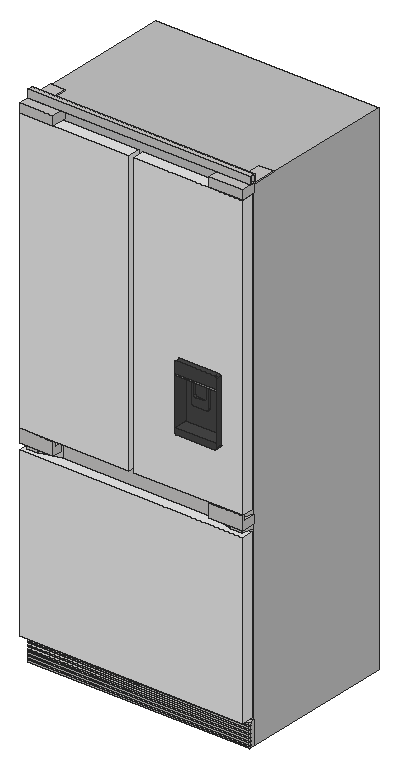
Revit family "FP_Revit_18_RS32A72U1_Fridge_90001164A", category Specialty Equipment, Revit 2018
Family settings
  Round Connector Dimension = Use Diameter
  Part Type = Normal
  OmniClass Number = 23.40.40.11.11.17
  OmniClass Title = Refrigerator-Freezer
  Work Plane-Based = No
  Always vertical = Yes
  Cut with Voids When Loaded = Yes
  Shared = No
  Room Calculation Point = No
Parameters
  Visibility - Water Dispenser = yes
  Visibility - Visibility Control Note = yes
  Visibility - Clearance Required = yes
  URL = "www.fisherpaykel.com"
  Stainless Steel Door Panels (RD3272AU) = no
  Product - Width = 805 mm  # constant formula
  Product - Height = 1825 mm  # constant formula
  Product - Depth = 604 mm  # constant formula
  Model = "RS32A72U1"
  Material - Trim = Fisher & Paykel - Stainless Steel
  Material - Rollers and Feet = Fisher & Paykel - Black
  Material - Door Structure = Fisher & Paykel - White
  Material - Door Front = Fisher & Paykel - Stainless Steel
  Material - Connections = Fisher & Paykel - Black
  Material - Body = Fisher & Paykel - Grey
  Manufacturer = "Fisher & Paykel Appliances"
  Handle Style - Professional Square (AHV2RS3272A) = no
  Handle Style - Professional Round (AHCRS3272A) = no
  Handle Style - Contemporary Square (AHD3RS3272A) = no
  Handle Style - Contemporary Round (AHSRS3272A) = no
  Description = "32\" Integrated French Door Refrigerator Freezer, Ice & Water"
  Connector Description - Water = "1/4\" (6mm) comp. stainless steel braided hose"
  Connector Description - Electrical = "120 V, 10 A, fused electrical supply"
  Chassis - Width = 790 mm  # constant formula
  Chassis - Height = 1788 mm  # constant formula
  Chassis - Depth = 561.4 mm  # constant formula
  Cavity - Width = 813 mm  # constant formula
  Cavity - Height = 1829 mm  # constant formula
  Cavity - Depth = 635 mm  # constant formula
Reference planes
  plane 1 "Center (Front/Back)": y = 0
  plane 2: z = 0
  plane 3 "Center (Left/Right)": x = 0
  plane 4 "Product LHS": x = -402.5
  plane 5 "Product RHS": x = 402.5
  plane 6 "Cavity - Depth": y = 635
  plane 7 "Cavity LHS": x = -406.5
  plane 8 "Cavity RHS": x = 406.5
  plane 9 "Product - Depth": y = 622
  plane 10 "Product Height": z = 1825
  plane 11 "Cavity Height": z = 1829
  plane 12 "Datum": y = 18
Forms (mm)
  Extrusion 1, solid, material "Fisher & Paykel - Grey" <- "Material - Body"
    sketch origin (0, 0, 0) x (0, 1, 0) y (0, 0, 1)
      loop
        line (68.89, 6.6) -> (622, 6.6) -> (622, 1794.6) -> (68.89, 1794.6) -> (68.89, 6.6)
    from -395 to 395
  Extrusion 2, solid, material "Fisher & Paykel - Clearance Required", visible <- "Visibility - Clearance Required", detail levels coarse
    sketch origin (0, 0, 0) x (1, 0, 0) y (0, 1, 0)
      loop
        line (-391.179, 0) -> (-526.6, -290.41) -> (-562.852, -273.506) -> (-569.457, -287.67) -> (-533.205, -304.575) -> (-555.656, -352.723)
        arc (-555.656, -352.723) -> (-182.069, -328.236) -> (-1.993, 0) r 389.186
        line (-1.993, 0) -> (-391.179, 0)
      loop
        line (391.179, 0) -> (1.993, 0)
        arc (1.993, 0) -> (182.069, -328.236) -> (555.656, -352.723) r 389.186
        line (555.656, -352.723) -> (533.205, -304.575) -> (569.457, -287.67) -> (562.852, -273.506) -> (526.6, -290.41) -> (391.179, 0)
    from 700.43 to 1825
  Extrusion 3, void
    sketch origin (-955, 0, 0) x (1, 0, 0) y (0, 0, 1)
      loop
        arc (1130.35, 1186.03) -> (1124.693, 1183.687) -> (1122.35, 1178.03) r 8
        line (1122.35, 1178.03) -> (1122.35, 958.43)
        arc (1122.35, 958.43) -> (1124.693, 952.773) -> (1130.35, 950.43) r 8
        line (1130.35, 950.43) -> (1264.85, 950.43)
        arc (1264.85, 950.43) -> (1270.507, 952.773) -> (1272.85, 958.43) r 8
        line (1272.85, 958.43) -> (1272.85, 1178.03)
        arc (1272.85, 1178.03) -> (1270.507, 1183.687) -> (1264.85, 1186.03) r 8
        line (1264.85, 1186.03) -> (1130.35, 1186.03)
    from -54.957 to 0
  Extrusion 4, solid, material "Fisher & Paykel - Black" <- "Material - Rollers and Feet"
    sketch origin (0, 0, -4) x (0, 1, 0) y (0, 0, 1)
      loop
        arc (120.09, 10.6) -> (136.133, 4) -> (152.177, 10.6) r 22.8
        line (152.177, 10.6) -> (120.09, 10.6)
      loop
        arc (555.39, 10.6) -> (571.433, 4) -> (587.477, 10.6) r 22.8
        line (587.477, 10.6) -> (555.39, 10.6)
    from 352 to 379
  Extrusion 5, solid, material "Fisher & Paykel - Clearance Required", visible <- "Visibility - Clearance Required", detail levels coarse
    sketch origin (0, 0, 0) x (0, 1, 0) y (0, 0, 1)
      loop
        line (-0.043, 695.956) -> (-359.921, 695.956) -> (-359.921, 631.801) -> (-401.921, 631.801) -> (-401.921, 615.801) -> (-359.921, 615.801) -> (-359.921, 100.03) -> (-0.043, 100.03) -> (-0.043, 695.956)
    from -406.5 to 406.5
  Extrusion 6, solid, material "Fisher & Paykel - White" <- "Material - Door Structure"
    sketch origin (0, 0, 0) x (1, 0, 0) y (0, 0, 1)
      loop
        line (-7.74, 1764.6) -> (-395, 1764.6) -> (-395, 763.6) -> (-7.74, 763.6) -> (-7.74, 1764.6)
      loop
        line (7.74, 1764.6) -> (7.74, 763.6) -> (395, 763.6) -> (395, 1764.6) -> (7.74, 1764.6)
      loop
        line (-395, 693.1) -> (-395, 101.1) -> (395, 101.1) -> (395, 693.1) -> (-395, 693.1)
    from -60.6 to -18
  Extrusion 7, solid, material "Fisher & Paykel - White" <- "Material - Door Structure"
    sketch origin (0, 0, 0) x (1, 0, 0) y (0, 0, 1)
      loop
        line (-384.1, 685.2) -> (-384.1, 109) -> (384.1, 109) -> (384.1, 685.2) -> (-384.1, 685.2)
      loop
        line (-13.88, 776) -> (-13.88, 1749.7) -> (-384.08, 1749.7) -> (-384.08, 776) -> (-13.88, 776)
      loop
        line (13.88, 776) -> (384.08, 776) -> (384.08, 1749.7) -> (13.88, 1749.7) -> (13.88, 776)
    from -68.89 to -60.552
  Extrusion 8, solid, material "Fisher & Paykel - Stainless Steel" <- "Material - Trim"
    sketch origin (0, -2, 0) x (1, 0, 0) y (0, 1, 0)
      loop
        line (-391, 70.89) -> (-384.282, 36.328)
        arc (-384.282, 36.328) -> (-383.245, 34.585) -> (-381.337, 33.9) r 3
        line (-381.337, 33.9) -> (-343.233, 33.9)
        arc (-343.233, 33.9) -> (-341.238, 34.034) -> (-339.279, 34.431) r 15
        line (-339.279, 34.431) -> (-269.532, 53.491) -> (269.532, 53.491) -> (339.279, 34.431)
        arc (339.279, 34.431) -> (341.238, 34.034) -> (343.233, 33.9) r 15
        line (343.233, 33.9) -> (381.337, 33.9)
        arc (381.337, 33.9) -> (383.245, 34.585) -> (384.282, 36.328) r 3
        line (384.282, 36.328) -> (391, 70.89) -> (-391, 70.89)
    from 696.967 to 759.03
  Extrusion 9, solid, material "Fisher & Paykel - Stainless Steel" <- "Material - Trim"
    sketch origin (0, -2, 0) x (0, 1, 0) y (0, 0, 1)
      loop
        line (20, 762.6) -> (20, 715.3) -> (70.89, 715.3) -> (70.89, 743.6) -> (25, 743.6) -> (25, 762.6) -> (20, 762.6)
    from 276.67 to 395
  Extrusion 10, solid, material "Fisher & Paykel - Stainless Steel" <- "Material - Trim"
    sketch origin (0, -2, 0) x (0, 1, 0) y (0, 0, -1)
      loop
        line (20, -762.6) -> (25, -762.6) -> (25, -743.6) -> (70.89, -743.6) -> (70.89, -715.3) -> (20, -715.3) -> (20, -762.6)
    from 276.67 to 395
  Extrusion 11, solid, material "Fisher & Paykel - Stainless Steel" <- "Material - Trim"
    sketch origin (0, 0, 0) x (1, 0, 0) y (0, 1, 0)
      loop
        line (-276.67, 18) -> (-276.67, 68.89) -> (-395, 68.89) -> (-395, 18) -> (-276.67, 18)
      loop
        line (395, 18) -> (395, 68.89) -> (276.67, 68.89) -> (276.67, 18) -> (395, 18)
    from 1765.6 to 1797.6
  Extrusion 12, solid, material "Fisher & Paykel - Stainless Steel" <- "Material - Trim", detail levels fine
    sketch origin (0, 0, 0) x (1, 0, 0) y (0, 1, 0)
      loop
        line (-395, 154.61) -> (-395, 73.11) -> (-260.95, 73.11) -> (-260.95, 88.11) -> (-343.5, 88.11) -> (-343.5, 154.61) -> (-395, 154.61)
      loop
        line (395, 154.61) -> (344.35, 154.61) -> (344.35, 88.11) -> (260.95, 88.11) -> (260.95, 73.11) -> (395, 73.11) -> (395, 154.61)
    from 1794.6 to 1797.6
  Extrusion 13, solid, material "Fisher & Paykel - Stainless Steel" <- "Material - Trim"
    sketch origin (0, -2, 0) x (0, 1, 0) y (0, 0, 1)
      loop
        line (55.1, 1825) -> (55.1, 1797.6) -> (75.11, 1797.6) -> (75.11, 1825) -> (55.1, 1825)
      loop
        line (56.1, 1824) -> (56.1, 1798.675) -> (74.1, 1798.675) -> (74.1, 1824) -> (56.1, 1824)
    from -395 to 395
  Extrusion 14, solid, material "Fisher & Paykel - Black" <- "Material - Rollers and Feet", detail levels fine
    sketch origin (0, 0, -4) x (0, 1, 0) y (0, 0, -1)
      loop
        line (120.09, -10.6) -> (152.177, -10.6)
        arc (152.177, -10.6) -> (136.133, -4) -> (120.09, -10.6) r 22.8
      loop
        line (555.39, -10.6) -> (587.477, -10.6)
        arc (587.477, -10.6) -> (571.433, -4) -> (555.39, -10.6) r 22.8
    from 352 to 379
  Extrusion 15, solid, material "Fisher & Paykel - Stainless Steel" <- "Material - Trim", detail levels fine
    sketch origin (0, -2, 0) x (0, 1, 0) y (0, 0, 1)
      loop
        line (24.91, 101.1) -> (24.91, 94.1) -> (50.15, 94.1) -> (50.15, 101.1) -> (24.91, 101.1)
    from -20.67 to 20.7
  Extrusion 16, solid, material "Fisher & Paykel - Stainless Steel" <- "Material - Trim", detail levels fine
    sketch origin (0, -2, 0) x (0, 1, 0) y (0, 0, 1)
      loop
        line (70.89, 90.613) -> (53.491, 85.951) -> (53.491, 81.639) -> (61.43, 81.639) -> (61.43, 75.465) -> (53.491, 73.338) -> (53.491, 69.031) -> (61.43, 69.031) -> (61.43, 62.857) -> (53.491, 60.73) -> (53.491, 56.423) -> (61.43, 56.423) -> (61.43, 50.254) -> (53.491, 48.127) -> (53.491, 43.821) -> (61.43, 43.821) -> (61.43, 37.652) -> (53.491, 35.525) -> (53.491, 31.218) -> (61.43, 31.218) -> (61.43, 25.049) -> (53.491, 22.922) -> (53.491, 18.585) -> (61.43, 18.585) -> (61.43, 12.447) -> (53.491, 10.32) -> (53.491, 6.6) -> (70.89, 6.6) -> (70.89, 90.613)
    from -395 to 395
  Extrusion 17, solid, material "Fisher & Paykel - Stainless Steel" <- "Material - Trim", detail levels coarse+medium
    sketch origin (0, -2, 0) x (0, 1, 0) y (0, 0, 1)
      loop
        line (70.89, 90.613) -> (53.491, 85.951) -> (53.491, 6.6) -> (70.89, 6.6) -> (70.89, 90.613)
    from -395 to 395
  Extrusion 18, void
    sketch origin (0, -2000, 0) x (1, 0, 0) y (0, 1, 0)
      loop
        line (-336, 2622) -> (-336, 2068.89) -> (336, 2068.89) -> (336, 2622) -> (-336, 2622)
    from 6.6 to 56.423
  Extrusion 19, solid, material "Fisher & Paykel - Stainless Steel" <- "Material - Door Front", visible <- "Stainless Steel Door Panels (RD3272AU)"
    sketch origin (0, 0, 0) x (1, 0, 0) y (0, 0, 1)
      loop
        line (-402.5, 696.43) -> (-402.5, 100.03) -> (402.5, 100.03) -> (402.5, 696.43) -> (-402.5, 696.43)
      loop
        line (-402.5, 700.43) -> (-2, 700.43) -> (-2, 1822.4) -> (-402.5, 1822.4) -> (-402.5, 700.43)
      loop
        line (2, 1822.4) -> (2, 700.43) -> (402.5, 700.43) -> (402.5, 1822.4) -> (2, 1822.4)
    from -18 to 0.043
  Extrusion 20, void
    sketch origin (0, -2, 0) x (1, 0, 0) y (0, 1, 0)
      loop
        arc (395, 57.948) -> (393.695, 54.796) -> (390.543, 53.491) r 4.457
        line (390.543, 53.491) -> (395, 53.491) -> (395, 57.948)
      loop
        line (-402.5, 59.557) -> (-402.5, 55.1) -> (-398.043, 55.1)
        arc (-398.043, 55.1) -> (-401.195, 56.405) -> (-402.5, 59.557) r 4.457
    from 6.6 to 100.03
  Extrusion 21, solid, material "Fisher & Paykel - Clearance Required", visible <- "Visibility - Clearance Required", detail levels coarse
    sketch origin (0, 0, 0) x (1, 0, 0) y (0, 1, 0)
      loop
        line (-406.5, 635) -> (-406.5, 0) -> (406.5, 0) -> (406.5, 635) -> (-406.5, 635)
    from 0 to 1829
  Extrusion 22, void
    sketch origin (0, 0, 0) x (1, 0, 0) y (0, 0, 1)
      loop
        line (257.5, 69.031) -> (257.5, 200) -> (-17.5, 200) -> (-17.5, 69.031) -> (257.5, 69.031)
      loop
        circle (207.5, 135) r 3
      loop
        circle (32.5, 135) r 3
    from -622 to -619.953
  Extrusion 23, void
    sketch origin (0, 0, 0) x (1, 0, 0) y (0, 1, 0)
      loop
        line (-406.5, 635) -> (-406.5, 0) -> (406.5, 0) -> (406.5, 635) -> (-406.5, 635)
    from 0 to 1829
Cuts and joins
  Extrusion 18, Extrusion 22 cuts Extrusion 1
  Extrusion 3 cuts Extrusion 19
  Extrusion 3 cuts Extrusion 6
  Extrusion 20 cuts Extrusion 16
  Extrusion 20 cuts Extrusion 17
  joined: Extrusion 8, Extrusion 9, Extrusion 10
Text (mm)
  text "Due to ongoing product development, product details are subject to change without notice. \nPlease always refer to www.fisherpaykel.com for the most current product information. \n© Fisher & Paykel 2020" at (41.04, -527.568, 0), in view "Ref. Level (Plan)"
Dimensions and locks
  equal spacing: plane 4 "Product LHS", plane 3 "Center (Left/Right)", plane 5 "Product RHS"
  "Product - Width": plane 4 "Product LHS" to plane 5 "Product RHS"
  "Cavity - Depth": plane 1 "Center (Front/Back)" to plane 6 "Cavity - Depth"
  equal spacing: plane 7 "Cavity LHS", plane 3 "Center (Left/Right)", plane 8 "Cavity RHS"
  "Cavity - Width": plane 7 "Cavity LHS" to plane 8 "Cavity RHS"
  "Product - Height": level to plane 10 "Product Height"
  "Cavity - Height": plane 11 "Cavity Height" to level
  Extrusion 3 sketch curve to plane 3 "Center (Left/Right)" = 317.85 mm
  Extrusion 3 sketch curve to Extrusion 3 sketch curve = 235.6 mm
  Extrusion 3 sketch curve to level = 950.43 mm
  Extrusion 3 sketch curve to Extrusion 3 sketch curve = 150.5 mm
  "Chassis - Height": Extrusion 1 to Extrusion 1
  nested 1 to Extrusion 1 = 1179.43 mm
  Extrusion 15 to Extrusion 17 = 94.5 mm
  locked: Extrusion 22 to cut or joined group of Extrusion 1, Extrusion 18, Extrusion 22 at 2.047
  cut or joined group of Extrusion 3, Extrusion 19 to level = 696.43 mm
  locked: plane 1 "Center (Front/Back)" to plane 12 "Datum" at 18
  nested 6 to plane 1 "Center (Front/Back)" = 0 mm
  "Chassis - Depth": cut or joined group of Extrusion 3, Extrusion 6 to plane 9 "Product - Depth"
  "Product - Depth": plane 9 "Product - Depth" to plane 12 "Datum"
  equal spacing: cut or joined group of Extrusion 1, Extrusion 18, Extrusion 22, plane 3 "Center (Left/Right)", cut or joined group of Extrusion 1, Extrusion 18, Extrusion 22  (x2)
  "Chassis - Width": cut or joined group of Extrusion 1, Extrusion 18, Extrusion 22 to cut or joined group of Extrusion 1, Extrusion 18, Extrusion 22
  aligned and locked: level to plane 2
  aligned and locked: Extrusion 20 to Extrusion 4
  aligned and locked: cut or joined group of Extrusion 1, Extrusion 18, Extrusion 22 to Extrusion 22
  aligned and locked: Extrusion 21 to level
  aligned and locked: plane 9 "Product - Depth" to Extrusion 1
Automatic sketch dimensions
  plane 10 "Product Height" to Extrusion 13 sketch curve = 0 mm
  Extrusion 13 sketch curve to plane 12 "Datum" = 35.1 mm
  Extrusion 13 sketch curve to Extrusion 13 sketch curve = 1 mm
  plane 10 "Product Height" to Extrusion 13 sketch curve = 1 mm
  Extrusion 13 sketch curve to Extrusion 13 sketch curve = 18 mm
  Extrusion 13 sketch curve to Extrusion 13 sketch curve = 1.01 mm
  Extrusion 13 sketch curve to Extrusion 13 sketch curve = 25.325 mm
  Extrusion 13 sketch curve to Extrusion 13 sketch curve = 1.075 mm
  plane 1 "Center (Front/Back)" to Extrusion 21 sketch curve = 0 mm
  Extrusion 21 sketch curve to plane 7 "Cavity LHS" = 0 mm
  Extrusion 21 sketch curve to plane 8 "Cavity RHS" = 0 mm
  plane 6 "Cavity - Depth" to Extrusion 21 sketch curve = 0 mm
  plane 1 "Center (Front/Back)" to Extrusion 23 sketch curve = 0 mm
  Extrusion 23 sketch curve to plane 7 "Cavity LHS" = 0 mm
  Extrusion 23 sketch curve to plane 8 "Cavity RHS" = 0 mm
  plane 6 "Cavity - Depth" to Extrusion 23 sketch curve = 0 mm
  Extrusion 1 sketch curve to plane 9 "Product - Depth" = 0 mm
  level to Extrusion 1 sketch curve = 6.6 mm
  Extrusion 1 sketch curve to plane 12 "Datum" = 50.89 mm
  plane 10 "Product Height" to Extrusion 1 sketch curve = 30.4 mm
  plane 1 "Center (Front/Back)" to Extrusion 2 sketch curve = 0 mm  (x2)
  plane 7 "Cavity LHS" to Extrusion 2 sketch curve = 162.957 mm
  Extrusion 2 sketch curve to Extrusion 2 sketch curve = 6.605 mm  (x3)
  Extrusion 2 sketch curve to Extrusion 2 sketch curve = 13.801 mm
  Extrusion 2 sketch curve to Extrusion 2 sketch curve = 36.252 mm  (x2)
  Extrusion 2 sketch curve to plane 4 "Product LHS" = 11.321 mm
  Extrusion 2 sketch curve to Extrusion 2 sketch curve = 0 mm  (x2)
  Extrusion 2 sketch curve to plane 3 "Center (Left/Right)" = 1.993 mm
  plane 3 "Center (Left/Right)" to Extrusion 2 sketch curve = 1.993 mm
  plane 5 "Product RHS" to Extrusion 2 sketch curve = 11.321 mm
  Extrusion 2 sketch curve to plane 8 "Cavity RHS" = 120.1 mm
  plane 1 "Center (Front/Back)" to Extrusion 2 sketch curve = 352.723 mm
  plane 1 "Center (Front/Back)" to Extrusion 2 sketch curve = 287.67 mm
  Extrusion 3 sketch curve to Extrusion 3 sketch curve = 8 mm  (x4)
  level to Extrusion 4 sketch curve = 6.6 mm  (x2)
  Extrusion 4 sketch curve to plane 12 "Datum" = 102.09 mm
  Extrusion 4 sketch curve to Extrusion 4 sketch curve = 16.044 mm  (x2)
  Extrusion 4 sketch curve to plane 9 "Product - Depth" = 66.61 mm
  level to Extrusion 4 sketch curve = 22.8 mm  (x2)
  plane 1 "Center (Front/Back)" to Extrusion 5 sketch curve = 401.921 mm
  Extrusion 5 sketch curve to Extrusion 5 sketch curve = 42 mm
  level to Extrusion 5 sketch curve = 100.03 mm
  plane 1 "Center (Front/Back)" to Extrusion 5 sketch curve = 359.921 mm
  plane 1 "Center (Front/Back)" to Extrusion 5 sketch curve = 0.043 mm
  Extrusion 5 sketch curve to Extrusion 5 sketch curve = 515.771 mm
  Extrusion 5 sketch curve to Extrusion 5 sketch curve = 16 mm
  Extrusion 5 sketch curve to Extrusion 5 sketch curve = 64.155 mm
  Extrusion 6 sketch curve to plane 4 "Product LHS" = 7.5 mm  (x2)
  Extrusion 6 sketch curve to plane 3 "Center (Left/Right)" = 7.74 mm
  plane 3 "Center (Left/Right)" to Extrusion 6 sketch curve = 7.74 mm
  plane 5 "Product RHS" to Extrusion 6 sketch curve = 7.5 mm  (x2)
  level to Extrusion 6 sketch curve = 101.1 mm
  Extrusion 6 sketch curve to Extrusion 6 sketch curve = 592 mm
  Extrusion 6 sketch curve to Extrusion 6 sketch curve = 70.5 mm
  Extrusion 6 sketch curve to Extrusion 6 sketch curve = 0 mm
  plane 10 "Product Height" to Extrusion 6 sketch curve = 60.4 mm  (x2)
  Extrusion 7 sketch curve to plane 4 "Product LHS" = 18.4 mm
  Extrusion 7 sketch curve to plane 4 "Product LHS" = 18.42 mm
  Extrusion 7 sketch curve to plane 3 "Center (Left/Right)" = 13.88 mm
  plane 3 "Center (Left/Right)" to Extrusion 7 sketch curve = 13.88 mm
  plane 5 "Product RHS" to Extrusion 7 sketch curve = 18.42 mm
  plane 5 "Product RHS" to Extrusion 7 sketch curve = 18.4 mm
  level to Extrusion 7 sketch curve = 109 mm
  Extrusion 7 sketch curve to Extrusion 7 sketch curve = 576.2 mm
  Extrusion 7 sketch curve to Extrusion 7 sketch curve = 90.8 mm
  Extrusion 7 sketch curve to Extrusion 7 sketch curve = 0 mm  (x2)
  plane 10 "Product Height" to Extrusion 7 sketch curve = 75.3 mm
  Extrusion 8 sketch curve to plane 4 "Product LHS" = 11.5 mm
  Extrusion 8 sketch curve to plane 4 "Product LHS" = 18.218 mm
  Extrusion 8 sketch curve to Extrusion 8 sketch curve = 2.945 mm  (x2)
  Extrusion 8 sketch curve to plane 12 "Datum" = 13.9 mm
  Extrusion 8 sketch curve to Extrusion 8 sketch curve = 38.104 mm
  Extrusion 8 sketch curve to plane 12 "Datum" = 14.431 mm  (x2)
  Extrusion 8 sketch curve to Extrusion 8 sketch curve = 3.954 mm  (x2)
  Extrusion 8 sketch curve to plane 12 "Datum" = 33.491 mm
  Extrusion 8 sketch curve to Extrusion 8 sketch curve = 69.747 mm
  plane 5 "Product RHS" to Extrusion 8 sketch curve = 132.968 mm
  plane 5 "Product RHS" to Extrusion 8 sketch curve = 63.221 mm
  plane 5 "Product RHS" to Extrusion 8 sketch curve = 21.163 mm
  plane 5 "Product RHS" to Extrusion 8 sketch curve = 11.5 mm
  Extrusion 8 sketch curve to plane 1 "Center (Front/Back)" = 31.9 mm
  Extrusion 8 sketch curve to Extrusion 8 sketch curve = 2.428 mm  (x2)
  Extrusion 8 sketch curve to Extrusion 8 sketch curve = 34.562 mm
  Extrusion 9 sketch curve to plane 12 "Datum" = 0 mm
  Extrusion 9 sketch curve to Extrusion 9 sketch curve = 5 mm
  Extrusion 9 sketch curve to Extrusion 9 sketch curve = 50.89 mm
  level to Extrusion 9 sketch curve = 715.3 mm
  Extrusion 9 sketch curve to Extrusion 9 sketch curve = 28.3 mm
  Extrusion 9 sketch curve to Extrusion 9 sketch curve = 19 mm
  Extrusion 10 sketch curve to plane 12 "Datum" = 0 mm
  Extrusion 10 sketch curve to Extrusion 10 sketch curve = 5 mm
  Extrusion 10 sketch curve to Extrusion 10 sketch curve = 50.89 mm
  level to Extrusion 10 sketch curve = 762.6 mm
  Extrusion 10 sketch curve to Extrusion 10 sketch curve = 19 mm
  Extrusion 10 sketch curve to Extrusion 10 sketch curve = 28.3 mm
  Extrusion 11 sketch curve to plane 4 "Product LHS" = 7.5 mm
  plane 12 "Datum" to Extrusion 11 sketch curve = 0 mm  (x2)
  Extrusion 11 sketch curve to plane 12 "Datum" = 50.89 mm  (x2)
  Extrusion 11 sketch curve to plane 4 "Product LHS" = 125.83 mm
  plane 5 "Product RHS" to Extrusion 11 sketch curve = 125.83 mm
  plane 5 "Product RHS" to Extrusion 11 sketch curve = 7.5 mm
  level to Extrusion 14 sketch curve = 6.6 mm  (x2)
  Extrusion 14 sketch curve to plane 12 "Datum" = 102.09 mm
  Extrusion 14 sketch curve to Extrusion 14 sketch curve = 16.044 mm  (x2)
  Extrusion 14 sketch curve to plane 9 "Product - Depth" = 66.61 mm
  level to Extrusion 14 sketch curve = 22.8 mm  (x2)
  Extrusion 15 sketch curve to plane 12 "Datum" = 4.91 mm
  Extrusion 15 sketch curve to Extrusion 15 sketch curve = 25.24 mm
  level to Extrusion 15 sketch curve = 94.1 mm
  Extrusion 15 sketch curve to Extrusion 15 sketch curve = 7 mm
  Extrusion 16 sketch curve to plane 12 "Datum" = 33.491 mm  (x3)
  level to Extrusion 16 sketch curve = 6.6 mm
  Extrusion 16 sketch curve to Extrusion 16 sketch curve = 0 mm  (x8)
  Extrusion 16 sketch curve to Extrusion 16 sketch curve = 7.939 mm  (x2)
  Extrusion 16 sketch curve to Extrusion 16 sketch curve = 9.46 mm
  Extrusion 16 sketch curve to Extrusion 16 sketch curve = 3.72 mm
  Extrusion 16 sketch curve to Extrusion 16 sketch curve = 2.127 mm
  Extrusion 16 sketch curve to Extrusion 16 sketch curve = 8.266 mm
  Extrusion 16 sketch curve to Extrusion 16 sketch curve = 4.337 mm
  Extrusion 16 sketch curve to Extrusion 16 sketch curve = 6.464 mm
  Extrusion 16 sketch curve to Extrusion 16 sketch curve = 6.169 mm  (x3)
  Extrusion 16 sketch curve to Extrusion 16 sketch curve = 4.306 mm  (x4)
  Extrusion 16 sketch curve to Extrusion 16 sketch curve = 6.433 mm  (x4)
  Extrusion 16 sketch curve to Extrusion 16 sketch curve = 6.175 mm  (x2)
  Extrusion 16 sketch curve to Extrusion 16 sketch curve = 4.312 mm
  Extrusion 16 sketch curve to Extrusion 16 sketch curve = 8.974 mm
  Extrusion 17 sketch curve to plane 12 "Datum" = 33.491 mm
  level to Extrusion 17 sketch curve = 6.6 mm
  Extrusion 17 sketch curve to Extrusion 17 sketch curve = 17.399 mm
  Extrusion 17 sketch curve to Extrusion 17 sketch curve = 79.351 mm
  Extrusion 17 sketch curve to Extrusion 17 sketch curve = 4.662 mm
  Extrusion 18 sketch curve to plane 9 "Product - Depth" = 0 mm
  Extrusion 18 sketch curve to plane 4 "Product LHS" = 66.5 mm
  plane 5 "Product RHS" to Extrusion 18 sketch curve = 66.5 mm
  Extrusion 18 sketch curve to plane 12 "Datum" = 50.89 mm
  plane 4 "Product LHS" to Extrusion 19 sketch curve = 0 mm  (x2)
  plane 5 "Product RHS" to Extrusion 19 sketch curve = 0 mm  (x2)
  Extrusion 19 sketch curve to plane 3 "Center (Left/Right)" = 2 mm
  plane 3 "Center (Left/Right)" to Extrusion 19 sketch curve = 2 mm
  level to Extrusion 19 sketch curve = 100.03 mm
  Extrusion 19 sketch curve to Extrusion 19 sketch curve = 596.4 mm
  Extrusion 19 sketch curve to Extrusion 19 sketch curve = 4 mm
  Extrusion 19 sketch curve to Extrusion 19 sketch curve = 0 mm
  plane 10 "Product Height" to Extrusion 19 sketch curve = 2.6 mm  (x2)
  Extrusion 20 sketch curve to plane 4 "Product LHS" = 0 mm
  plane 5 "Product RHS" to Extrusion 20 sketch curve = 7.5 mm
  Extrusion 20 sketch curve to plane 4 "Product LHS" = 4.457 mm
  plane 5 "Product RHS" to Extrusion 20 sketch curve = 11.957 mm
  Extrusion 20 sketch curve to plane 12 "Datum" = 33.491 mm
  Extrusion 20 sketch curve to plane 12 "Datum" = 35.1 mm
  Extrusion 12 sketch curve to plane 4 "Product LHS" = 7.5 mm
  Extrusion 12 sketch curve to Extrusion 12 sketch curve = 51.5 mm
  Extrusion 12 sketch curve to Extrusion 12 sketch curve = 82.55 mm
  Extrusion 12 sketch curve to plane 12 "Datum" = 55.11 mm  (x2)
  plane 5 "Product RHS" to Extrusion 12 sketch curve = 141.55 mm
  plane 5 "Product RHS" to Extrusion 12 sketch curve = 58.15 mm
  plane 5 "Product RHS" to Extrusion 12 sketch curve = 7.5 mm
  Extrusion 12 sketch curve to Extrusion 12 sketch curve = 15 mm  (x2)
  Extrusion 12 sketch curve to Extrusion 12 sketch curve = 66.5 mm  (x2)
  level to Extrusion 22 sketch curve = 69.031 mm
  Extrusion 22 sketch curve to plane 3 "Center (Left/Right)" = 17.5 mm
  Extrusion 22 sketch curve to Extrusion 22 sketch curve = 50 mm
  plane 5 "Product RHS" to Extrusion 22 sketch curve = 195 mm
  plane 8 "Cavity RHS" to Extrusion 22 sketch curve = 149 mm
  level to Extrusion 22 sketch curve = 135 mm  (x2)
  Extrusion 22 sketch curve to Extrusion 22 sketch curve = 65 mm
  radius of Extrusion 22 sketch curve = 3 mm  (x2)
Nested families
  nested 1: "F&P Water Dispenser" at (242.6, 0, 950.43), visible <- "Visibility - Water Dispenser", type "F&P Water Dispenser"
  nested 2: "F&P Handle Kit - Contemporary Round - Horizontal" at (0, 0, 623.802), visible <- "Handle Style - Contemporary Round (AHSRS3272A)", type "AHSRS3272A - Contemporary round handle (2 of 2) (Horizontal) 646mm"
  nested 3: "F&P Handle Kit - Contemporary Round - Vertical" at (67.3, 0, 1128.5), visible <- "Handle Style - Contemporary Round (AHSRS3272A)", type "AHSRS3272A - Contemporary round handle (1 of 2) (Vertical) 727mm"
  nested 4: "F&P Handle Kit - Contemporary Square - Horizontal" at (0, 0, 623.802), visible <- "Handle Style - Contemporary Square (AHD3RS3272A)", type "AHD3RS3272A - Contemporary square handle (2 of 2) (Horizontal) 646mm"
  nested 5: "F&P Handle Kit - Contemporary Square - Vertical" at (67.3, 0, 1128.5), visible <- "Handle Style - Contemporary Square (AHD3RS3272A)", type "AHD3RS3272A - Contemporary square handle (1 of 2) (Vertical) 727mm"
  nested 6: "F&P Handle Kit - Professional Round - Horizontal" at (0, 0, 623.802), visible <- "Handle Style - Professional Round (AHCRS3272A)", type "AHCRS3272A - Professional round handle (2 of 2) (Horizontal) 580mm"
  nested 7: "F&P Handle Kit - Professional Round - Vertical" at (67.3, 0, 1128.5), visible <- "Handle Style - Professional Round (AHCRS3272A)", type "AHCRS3272A - Professional round handle (1 of 2) (Vertical) 661mm"
  nested 8: "F&P Handle Kit - Professional Square - Horizontal" at (0, 0, 623.802), visible <- "Handle Style - Professional Square (AHV2RS3272A)", type "AHV2RS3272A - Professional square handle (2 of 2) (Horizontal) 586mm"
  nested 9: "F&P Handle Kit - Professional Square - Vertical" at (67.3, 0, 1128.5), visible <- "Handle Style - Professional Square (AHV2RS3272A)", type "AHV2RS3272A - Professional square handle (1 of 2) (Vertical) 727mm"
  nested 10: "F&P Handle Kit - Contemporary Round - Vertical" at (-67.3, 0, 1128.5), visible <- "Handle Style - Contemporary Round (AHSRS3272A)", type "AHSRS3272A - Contemporary round handle (1 of 2) (Vertical) 727mm"
  nested 11: "F&P Handle Kit - Contemporary Square - Vertical" at (-67.3, 0, 1128.5), visible <- "Handle Style - Contemporary Square (AHD3RS3272A)", type "AHD3RS3272A - Contemporary square handle (1 of 2) (Vertical) 727mm"
  nested 12: "F&P Handle Kit - Professional Round - Vertical" at (-67.3, 0, 1128.5), visible <- "Handle Style - Professional Round (AHCRS3272A)", type "AHCRS3272A - Professional round handle (1 of 2) (Vertical) 661mm"
  nested 13: "F&P Handle Kit - Professional Square - Vertical" at (-67.3, 0, 1128.5), visible <- "Handle Style - Professional Square (AHV2RS3272A)", type "AHV2RS3272A - Professional square handle (1 of 2) (Vertical) 727mm"
  nested 14: "Comment Marker 2D" at (0, 0, 0), visible <- "Visibility - Visibility Control Note", type "Active"
Connectors
  electrical at (32.5, 622, 135), driven by "Connector Description - Electrical"
    settings: on cut or joined group of Extrusion 1, Extrusion 18, Extrusion 22, index 1, voltage 120 V, apparent load 0 VA, apparent load phase1 0 VA, apparent load phase2 0 VA, apparent load phase3 0 VA, power factor 1, load classification "Other", number of poles 1, system type 30, power factor state 1, is connector primary yes, connector utility no, sub classification motor no, connector description "120 V, 10 A, fused electrical supply"
  piping at (207.5, 622, 135), diameter 6, driven by "Connector Description - Water"
    settings: on cut or joined group of Extrusion 1, Extrusion 18, Extrusion 22, index 2, connector inside diameter 609.6 mm, connector length 0 mm, flow factor 0, pipe flow 0.0 L/s, pressure drop 0.0 Pa, fitting loss kfactor 0, connector angle 0.00°, fixture units 0, engagement length 0 mm, angle of deflection 0.00°, flow configuration 0, flow direction 1, fitting loss method 0, system type 20, joint type 0, gender type 0, connector reference index -1, connector utility 0, adjustable connector no, is connector primary yes, connector description "1/4\" (6mm) comp. stainless steel braided hose"
Definition of nested family "F&P Water Dispenser"
  Parameters (values of type "F&P Water Dispenser")
    URL = "www.fisherpaykel.com"
    Material - Trim = none
    Material - Body = none
    Manufacturer = "Fisher & Paykel Appliances"
    Connector Description - Water = ""
    Connector Description - Electrical = ""
  Reference planes
    plane 1 "Center (Front/Back)": y = 0
    plane 2: z = 0
    plane 3 "Center (Left/Right)": x = 0
  Forms (mm)
    Extrusion 1, solid, material <- "Material - Body"
      sketch origin (0, 0, 0) x (1, 0, 0) y (0, 0, 1)
        loop
          arc (-67.25, 235.6) -> (-72.907, 233.257) -> (-75.25, 227.6) r 8
          line (-75.25, 227.6) -> (-75.25, 8)
          arc (-75.25, 8) -> (-72.907, 2.343) -> (-67.25, 0) r 8
          line (-67.25, 0) -> (67.25, 0)
          arc (67.25, 0) -> (72.907, 2.343) -> (75.25, 8) r 8
          line (75.25, 8) -> (75.25, 227.609)
          arc (75.25, 227.609) -> (72.909, 233.259) -> (67.259, 235.6) r 7.991
          line (67.259, 235.6) -> (-67.25, 235.6)
        loop
          line (-74.25, 192.6) -> (-74.25, 20) -> (74.25, 20) -> (74.25, 192.6) -> (-74.25, 192.6)
      from -55 to 0
    Extrusion 2, solid, material <- "Material - Trim", detail levels fine
      sketch origin (0, 0, 0) x (1, 0, 0) y (0, 0, 1)
        loop
          line (-74.25, 192.6) -> (-74.25, 187.1) -> (74.25, 187.1) -> (74.25, 192.6) -> (-74.25, 192.6)
      from -55 to 0
    Extrusion 3, solid, material <- "Material - Body"
      sketch origin (0, 0, 0) x (1, 0, 0) y (0, 0, 1)
        loop
          line (-74.25, 187.1) -> (-74.25, 20) -> (74.25, 20) -> (74.25, 187.1) -> (-74.25, 187.1)
      from -55 to -50
    Extrusion 4, solid, material <- "Material - Body", detail levels fine
      sketch origin (0, 0, 0) x (1, 0, 0) y (0, 0, 1)
        loop
          line (-30, 187.1) -> (-30, 105.1)
          arc (-30, 105.1) -> (-27.657, 99.443) -> (-22, 97.1) r 8
          line (-22, 97.1) -> (22, 97.1)
          arc (22, 97.1) -> (27.657, 99.443) -> (30, 105.1) r 8
          line (30, 105.1) -> (30, 187.1) -> (23.5, 187.1) -> (23.5, 134.1)
          arc (23.5, 134.1) -> (21.157, 128.443) -> (15.5, 126.1) r 8
          line (15.5, 126.1) -> (-15.5, 126.1)
          arc (-15.5, 126.1) -> (-21.157, 128.443) -> (-23.5, 134.1) r 8
          line (-23.5, 134.1) -> (-23.5, 187.1) -> (-30, 187.1)
      from -27.6 to -21.6
    Extrusion 5, solid, material <- "Material - Body", detail levels fine
      sketch origin (0, 0, 0) x (1, 0, 0) y (0, 1, 0)
        loop
          circle (0, 24.6) r 7.5
      from 179.1 to 187.1
  Dimensions and locks
    aligned and locked: level to plane 2
Definition of nested family "F&P Handle Kit - Contemporary Round - Horizontal"
  Parameters (values of type "25374 AHS-ASBI-A - Contemporary round handle (2 of 2) (Horizontal) 746mm")
    URL = "www.fisherpaykel.com"
    Product - Width = 746 mm
    Model = ""
    Material - Handle = none
    Manufacturer = "Fisher & Paykel Appliances"
    Description = "Kit for RS36"
  Types (9, lengths in mm): name | Product - Width | Description
    (no name) | 746 | "Kit for RS36"
    AHSRD2484W - Contemporary round handle (2 of 2) (Horizontal) 494mm | 494 | ""
    AHSRD3084W - Contemporary round handle (2 of 2) (Horizontal) 646mm | 646 | ""
    AHSRS3272A - Contemporary round handle (2 of 2) (Horizontal) 646mm | 646 | ""
    AHSRS80A - Contemporary round handle (2 of 2) (Horizontal) 646mm | 646 | ""
    AHSRD6121W - Contemporary round handle (2 of 2) (Horizontal) 494mm | 494 | ""
    AHSRD7621W - Contemporary round handle (2 of 2) (Horizontal) 646mm | 646 | ""
    25374 AHS-ASBI-A - Contemporary round handle (2 of 2) (Horizontal) 746mm | 746 | "Kit for RS36"
    25329 AHS-ASBI-A - Contemporary round handle (2 of 2) (Horizontal) 746mm | 746 | "Kit for RS90"
  Reference planes
    plane 1 "Center (Front/Back)": y = 0
    plane 2: z = 0
    plane 3 "Center (Left/Right)": x = 0
    plane 4 "Product LHS": x = -373
    plane 5 "Product RHS": x = 373
    plane 6 "LHS Standoff": x = -252.995
    plane 7 "RHS Standoff": x = 253.005
  Forms (mm)
    Extrusion 1, solid, material <- "Material - Handle"
      sketch origin (0, 0, 0) x (0, 1, 0) y (0, 0, 1)
        loop
          circle (-32.3, 0) r 8.7
      from -252.995 to 253.005
    Extrusion 2, solid, material <- "Material - Handle", detail levels fine
      sketch origin (0, 0, 0) x (0, 1, 0) y (0, 0, 1)
        loop
          line (0, 8.7) -> (-32.3, 8.7)
          arc (-32.3, 8.7) -> (-41, 0) -> (-32.3, -8.7) r 8.7
          line (-32.3, -8.7) -> (0, -8.7) -> (0, 8.7)
      from 253.005 to 373
    Extrusion 3, solid, material <- "Material - Handle", detail levels fine
      sketch origin (0, 0, 0) x (0, 1, 0) y (0, 0, -1)
        loop
          line (0, -8.7) -> (0, 8.7) -> (-32.3, 8.7)
          arc (-32.3, 8.7) -> (-41, 0) -> (-32.3, -8.7) r 8.7
          line (-32.3, -8.7) -> (0, -8.7)
      from 252.995 to 373
    Sweep 4, void
      path in 3D
        loop
          line (373, 0, 8.7) -> (373, -32.3, 8.7)
          arc (373, -32.3, 8.7) -> (373, -41, 0) -> (373, -32.3, -8.7) r 8.7
          line (373, -32.3, -8.7) -> (373, 0, -8.7)
      profile origin (373, -16.15, 8.7) x (1, 0, 0) y (0, 0, 1)
        loop
          line (0, 0) -> (-1, 0) -> (0, -1) -> (0, 0)
    Sweep 5, void
      path in 3D
        loop
          line (-373, 0, -8.7) -> (-373, -32.3, -8.7)
          arc (-373, -32.3, -8.7) -> (-373, -41, 0) -> (-373, -32.3, 8.7) r 8.7
          line (-373, -32.3, 8.7) -> (-373, 0, 8.7)
      profile origin (-373, -16.15, 8.7) x (-1, 0, 0) y (0, 0, 1)
        loop
          line (0, 0) -> (-1, 0) -> (0, -1) -> (0, 0)
    Extrusion 6, solid, material <- "Material - Handle", detail levels coarse+medium
      sketch origin (0, 0, 0) x (0, 1, 0) y (0, 0, 1)
        loop
          line (0, 8.7) -> (-32.3, 8.7)
          arc (-32.3, 8.7) -> (-41, 0) -> (-32.3, -8.7) r 8.7
          line (-32.3, -8.7) -> (0, -8.7) -> (0, 8.7)
      from 253.005 to 373
    Extrusion 7, solid, material <- "Material - Handle", detail levels coarse+medium
      sketch origin (0, 0, 0) x (0, 1, 0) y (0, 0, -1)
        loop
          line (0, -8.7) -> (0, 8.7) -> (-32.3, 8.7)
          arc (-32.3, 8.7) -> (-41, 0) -> (-32.3, -8.7) r 8.7
          line (-32.3, -8.7) -> (0, -8.7)
      from 252.995 to 373
  Cuts and joins
    Sweep 4 cuts Extrusion 2
    Sweep 5 cuts Extrusion 3
  Lines and regions (mm)
    sketch lines
      curve 1: line (373, 0, 8.7) -> (373, -32.3, 8.7)
      curve 2: arc (373, -32.3, -8.7) -> (373, -41, 0) -> (373, -32.3, 8.7) r 8.7
      curve 3: line (373, -32.3, -8.7) -> (373, 0, -8.7)
      curve 4: line (-373, -32.3, 8.7) -> (-373, 0, 8.7)
      curve 5: arc (-373, -32.3, 8.7) -> (-373, -41, 0) -> (-373, -32.3, -8.7) r 8.7
      curve 6: line (-373, 0, -8.7) -> (-373, -32.3, -8.7)
  Dimensions and locks
    equal spacing: plane 4 "Product LHS", plane 3 "Center (Left/Right)", plane 5 "Product RHS"
    "Product - Width": plane 4 "Product LHS" to plane 5 "Product RHS"
    locked: plane 4 "Product LHS" to plane 6 "LHS Standoff" at 120.005
    locked: plane 7 "RHS Standoff" to plane 5 "Product RHS" at 119.995
    equal spacing: Extrusion 2 sketch curve, level, Extrusion 2 sketch curve
    Extrusion 3 sketch curve to Extrusion 3 sketch curve = 17.4 mm
    Extrusion 6 sketch curve to Extrusion 6 sketch curve = 17.4 mm
    Extrusion 7 sketch curve to Extrusion 7 sketch curve = 17.4 mm
    aligned and locked: level to plane 2
    aligned and locked: plane 7 "RHS Standoff" to Extrusion 1
    aligned and locked: Extrusion 2 to Extrusion 1
    aligned and locked: Extrusion 2 to plane 5 "Product RHS"
    aligned and locked: plane 4 "Product LHS" to Extrusion 3
    aligned and locked: plane 6 "LHS Standoff" to Extrusion 3
    aligned and locked: Extrusion 1 to plane 6 "LHS Standoff"
    aligned and locked: Extrusion 6 to Extrusion 1
    aligned and locked: Extrusion 6 to plane 5 "Product RHS"
    aligned and locked: plane 4 "Product LHS" to Extrusion 7
    aligned and locked: Extrusion 7 to Extrusion 1
  Automatic sketch dimensions
    Extrusion 1 sketch curve to level = 0 mm
    plane 1 "Center (Front/Back)" to Extrusion 1 sketch curve = 32.3 mm
    Extrusion 2 sketch curve to plane 1 "Center (Front/Back)" = 0 mm
    Extrusion 2 sketch curve to level = 8.7 mm
    plane 1 "Center (Front/Back)" to Extrusion 2 sketch curve = 32.3 mm
    Extrusion 3 sketch curve to level = 0 mm
    Extrusion 3 sketch curve to plane 1 "Center (Front/Back)" = 0 mm
    Extrusion 3 sketch curve to level = 8.7 mm
    plane 1 "Center (Front/Back)" to Extrusion 3 sketch curve = 32.3 mm
    Sweep 4 sketch curve to profile plane = 0 mm
    profile plane to Sweep 4 sketch curve = 0 mm
    profile plane to Sweep 4 sketch curve = 1 mm
    Sweep 4 sketch curve to profile plane = 1 mm
    Sweep 5 sketch curve to profile plane = 0 mm  (x2)
    profile plane to Sweep 5 sketch curve = 1 mm
    Sweep 5 sketch curve to profile plane = 1 mm
    Extrusion 6 sketch curve to level = 0 mm
    level to Extrusion 6 sketch curve = 8.7 mm
    plane 1 "Center (Front/Back)" to Extrusion 6 sketch curve = 32.3 mm
    Extrusion 6 sketch curve to Extrusion 6 sketch curve = 32.3 mm
    Extrusion 7 sketch curve to level = 0 mm
    level to Extrusion 7 sketch curve = 8.7 mm
    plane 1 "Center (Front/Back)" to Extrusion 7 sketch curve = 32.3 mm
    Extrusion 7 sketch curve to Extrusion 7 sketch curve = 32.3 mm
    radius of Extrusion 1 sketch curve = 8.7 mm
Definition of nested family "F&P Handle Kit - Contemporary Round - Vertical"
  Parameters (values of type "25374 AHS-ASBI-A - Contemporary round handle (1 of 2) (Vertical) 727mm")
    URL = "www.fisherpaykel.com"
    Material - Handle = none
    Manufacturer = "Fisher & Paykel Appliances"
    Handle - Length = 727 mm
    Description = "Kit for RS36"
  Types (10, lengths in mm): name | Handle - Length | Description
    AHS-RD21 - Contemporary round handle (Vertical) 852mm | 852 | ""
    AHSRD2484W - Contemporary round handle (1 of 2) (Vertical) 727mm | 727 | ""
    AHSRD3084W - Contemporary round handle (1 of 2) (Vertical) 727mm | 727 | ""
    AHS-RD84 - Contemporary round handle (Vertical) 852mm | 852 | ""
    AHSRS3272A - Contemporary round handle (1 of 2) (Vertical) 727mm | 727 | ""
    AHSRS80A - Contemporary round handle (1 of 2) (Vertical) 727mm | 727 | ""
    AHSRD6121W - Contemporary round handle (1 of 2) (Vertical) 727mm | 727 | ""
    AHSRD7621W - Contemporary round handle (1 of 2) (Vertical) 727mm | 727 | ""
    25329 AHS-ASBI-A - Contemporary round handle (1 of 2) (Vertical) 727mm | 727 | "Kit for RS90"
    25374 AHS-ASBI-A - Contemporary round handle (1 of 2) (Vertical) 727mm | 727 | "Kit for RS36"
  Reference planes
    plane 1 "Center (Front/Back)": y = 0
    plane 2: z = 0
    plane 3 "Center (Left/Right)": x = 0
    plane 4 "Top": z = 363.5
    plane 5 "Bottom": z = -363.5
    plane 6 "Top Standoff": z = 243.5
    plane 7 "Bottom Standoff": z = -243.5
  Forms (mm)
    Extrusion 1, solid, material <- "Material - Handle"
      sketch origin (0, 0, 0) x (1, 0, 0) y (0, 1, 0)
        loop
          circle (0, -32.3) r 8.7
      from -243.5 to 243.5
    Extrusion 2, solid, material <- "Material - Handle", detail levels fine
      sketch origin (0, 0, 0) x (1, 0, 0) y (0, 1, 0)
        loop
          line (-8.7, 0) -> (-8.7, -32.3)
          arc (-8.7, -32.3) -> (0, -41) -> (8.7, -32.3) r 8.7
          line (8.7, -32.3) -> (8.7, 0) -> (-8.7, 0)
      from 243.5 to 363.5
    Extrusion 3, solid, material <- "Material - Handle", detail levels fine
      sketch origin (0, 0, 0) x (1, 0, 0) y (0, 1, 0)
        loop
          line (-8.7, 0) -> (-8.7, -32.3)
          arc (-8.7, -32.3) -> (0, -41) -> (8.7, -32.3) r 8.7
          line (8.7, -32.3) -> (8.7, 0) -> (-8.7, 0)
      from -363.5 to -243.5
    Sweep 4, void
      path in 3D
        loop
          line (8.7, 0, -363.5) -> (8.7, -32.3, -363.5)
          arc (8.7, -32.3, -363.5) -> (0, -41, -363.5) -> (-8.7, -32.3, -363.5) r 8.7
          line (-8.7, -32.3, -363.5) -> (-8.7, 0, -363.5)
      profile origin (8.7, -16.15, -363.5) x (-1, 0, 0) y (0, 0, -1)
        loop
          line (0, 0) -> (0, -1) -> (1, 0) -> (0, 0)
    Sweep 5, void
      path in 3D
        loop
          line (-8.7, 0, 363.5) -> (-8.7, -32.3, 363.5)
          arc (-8.7, -32.3, 363.5) -> (0, -41, 363.5) -> (8.7, -32.3, 363.5) r 8.7
          line (8.7, -32.3, 363.5) -> (8.7, 0, 363.5)
      profile origin (8.7, -16.15, 363.5) x (-1, 0, 0) y (0, 0, 1)
        loop
          line (0, 0) -> (0, -1) -> (1, 0) -> (0, 0)
    Extrusion 6, solid, material <- "Material - Handle", detail levels coarse+medium
      sketch origin (0, 0, 0) x (1, 0, 0) y (0, 1, 0)
        loop
          line (-8.7, 0) -> (-8.7, -32.3)
          arc (-8.7, -32.3) -> (0, -41) -> (8.7, -32.3) r 8.7
          line (8.7, -32.3) -> (8.7, 0) -> (-8.7, 0)
      from 243.5 to 363.5
    Extrusion 7, solid, material <- "Material - Handle", detail levels coarse+medium
      sketch origin (0, 0, 0) x (1, 0, 0) y (0, 1, 0)
        loop
          line (-8.7, 0) -> (-8.7, -32.3)
          arc (-8.7, -32.3) -> (0, -41) -> (8.7, -32.3) r 8.7
          line (8.7, -32.3) -> (8.7, 0) -> (-8.7, 0)
      from -363.5 to -243.5
  Cuts and joins
    Sweep 4 cuts Extrusion 3
    Sweep 5 cuts Extrusion 2
  Lines and regions (mm)
    sketch lines
      curve 1: line (8.7, 0, -363.5) -> (8.7, -32.3, -363.5)
      curve 2: arc (-8.7, -32.3, -363.5) -> (0, -41, -363.5) -> (8.7, -32.3, -363.5) r 8.7
      curve 3: line (-8.7, -32.3, -363.5) -> (-8.7, 0, -363.5)
      curve 4: line (8.7, -32.3, 363.5) -> (8.7, 0, 363.5)
      curve 5: arc (8.7, -32.3, 363.5) -> (0, -41, 363.5) -> (-8.7, -32.3, 363.5) r 8.7
      curve 6: line (-8.7, 0, 363.5) -> (-8.7, -32.3, 363.5)
  Dimensions and locks
    equal spacing: plane 4 "Top", level, plane 5 "Bottom"
    "Handle - Length": plane 4 "Top" to plane 5 "Bottom"
    locked: plane 4 "Top" to plane 6 "Top Standoff" at 120
    locked: plane 7 "Bottom Standoff" to plane 5 "Bottom" at 120
    Extrusion 2 sketch curve to Extrusion 2 sketch curve = 17.4 mm
    Extrusion 3 sketch curve to Extrusion 3 sketch curve = 17.4 mm
    Extrusion 6 sketch curve to Extrusion 6 sketch curve = 17.4 mm
    Extrusion 7 sketch curve to Extrusion 7 sketch curve = 17.4 mm
    aligned and locked: level to plane 2
    aligned and locked: plane 4 "Top" to Extrusion 2
    aligned and locked: Extrusion 3 to plane 5 "Bottom"
    aligned and locked: plane 7 "Bottom Standoff" to Extrusion 3
    aligned and locked: Extrusion 1 to plane 7 "Bottom Standoff"
    aligned and locked: plane 6 "Top Standoff" to Extrusion 1
    aligned and locked: Extrusion 2 to Extrusion 1
    aligned and locked: Extrusion 6 to Extrusion 1
    aligned and locked: plane 4 "Top" to Extrusion 6
    aligned and locked: Extrusion 7 to Extrusion 1
    aligned and locked: Extrusion 7 to plane 5 "Bottom"
  Automatic sketch dimensions
    Extrusion 1 sketch curve to plane 3 "Center (Left/Right)" = 0 mm
    plane 1 "Center (Front/Back)" to Extrusion 1 sketch curve = 32.3 mm
    plane 1 "Center (Front/Back)" to Extrusion 2 sketch curve = 0 mm
    Extrusion 2 sketch curve to plane 3 "Center (Left/Right)" = 0 mm
    Extrusion 2 sketch curve to plane 3 "Center (Left/Right)" = 8.7 mm
    plane 1 "Center (Front/Back)" to Extrusion 2 sketch curve = 32.3 mm
    plane 1 "Center (Front/Back)" to Extrusion 3 sketch curve = 0 mm
    Extrusion 3 sketch curve to plane 3 "Center (Left/Right)" = 0 mm
    Extrusion 3 sketch curve to plane 3 "Center (Left/Right)" = 8.7 mm
    plane 1 "Center (Front/Back)" to Extrusion 3 sketch curve = 32.3 mm
    Sweep 4 sketch curve to profile plane = 0 mm  (x2)
    Sweep 4 sketch curve to profile plane = 1 mm  (x2)
    Sweep 5 sketch curve to profile plane = 0 mm  (x2)
    Sweep 5 sketch curve to profile plane = 1 mm  (x2)
    Extrusion 6 sketch curve to plane 3 "Center (Left/Right)" = 0 mm
    Extrusion 6 sketch curve to plane 3 "Center (Left/Right)" = 8.7 mm
    plane 1 "Center (Front/Back)" to Extrusion 6 sketch curve = 32.3 mm
    Extrusion 6 sketch curve to Extrusion 6 sketch curve = 32.3 mm
    Extrusion 7 sketch curve to plane 3 "Center (Left/Right)" = 0 mm
    Extrusion 7 sketch curve to plane 3 "Center (Left/Right)" = 8.7 mm
    plane 1 "Center (Front/Back)" to Extrusion 7 sketch curve = 32.3 mm
    Extrusion 7 sketch curve to Extrusion 7 sketch curve = 32.3 mm
    radius of Extrusion 1 sketch curve = 8.7 mm
Definition of nested family "F&P Handle Kit - Contemporary Square - Horizontal"
  Parameters (values of type "RS90A - Contemporary square handle (2 of 2) (Horizontal) 746mm")
    URL = "www.fisherpaykel.com"
    Material - Handle = none
    Manufacturer = "Fisher & Paykel Appliances"
    Handle - Length = 746 mm
  Types (9, lengths in mm): name | Handle - Length
    (no name) | 746
    AHD3RD2484W - Contemporary square handle (2 of 2) (Horizontal) 494mm | 494
    AHD3RD3084W - Contemporary square handle (2 of 2) (Horizontal) 646mm | 646
    AHD3RS3272A - Contemporary square handle (2 of 2) (Horizontal) 646mm | 646
    AHD3RS80A - Contemporary square handle (2 of 2) (Horizontal) 646mm | 646
    AHD3RD6121W - Contemporary square handle (2 of 2) (Horizontal) 494mm | 494
    AHD3RD7621W - Contemporary square handle (2 of 2) (Horizontal) 646mm | 646
    RS36A - Contemporary square handle (2 of 2) (Horizontal) 746mm | 746
    RS90A - Contemporary square handle (2 of 2) (Horizontal) 746mm | 746
  Reference planes
    plane 1 "Center (Front/Back)": y = 0
    plane 2: z = 0
    plane 3 "Center (Left/Right)": x = 0
    plane 4 "Product LHS": x = -373
    plane 5 "Product RHS": x = 373
    plane 6 "LHS Standoff": x = -252.995
    plane 7 "RHS Standoff": x = 253.005
  Forms (mm)
    Extrusion 1, solid, material <- "Material - Handle", detail levels fine
      sketch origin (0, 0, 0) x (0, 1, 0) y (0, 0, 1)
        loop
          arc (-28.701, 7.561) -> (-29.057, 7.868) -> (-29.514, 7.978) r 1
          line (-29.514, 7.978) -> (-40.5, 7.978)
          arc (-40.5, 7.978) -> (-41.561, 7.539) -> (-42, 6.478) r 1.5
          line (-42, 6.478) -> (-42, -6.522)
          arc (-42, -6.522) -> (-41.561, -7.583) -> (-40.5, -8.022) r 1.5
          line (-40.5, -8.022) -> (-29.487, -8.022)
          arc (-29.487, -8.022) -> (-29.029, -7.911) -> (-28.673, -7.602) r 1
          arc (-28.673, -7.602) -> (-26.256, -0.016) -> (-28.701, 7.561) r 13.038
      from -373 to 373
    Extrusion 2, solid, material <- "Material - Handle", detail levels fine
      sketch origin (0, 0, 0) x (0, 1, 0) y (0, 0, 1)
        loop
          arc (-28.23, 7.062) -> (-26.156, 0.008) -> (-28.198, -7.056) r 13.136
          arc (-28.198, -7.056) -> (-28.21, -7.463) -> (-27.86, -7.67) r 0.4
          line (-27.86, -7.67) -> (0, -7.67) -> (0, 7.678) -> (-27.893, 7.678)
          arc (-27.893, 7.678) -> (-28.244, 7.47) -> (-28.23, 7.062) r 0.4
      from 253.005 to 373
    Extrusion 3, solid, material <- "Material - Handle", detail levels fine
      sketch origin (0, 0, 0) x (0, 1, 0) y (0, 0, -1)
        loop
          arc (-28.23, -7.062) -> (-28.244, -7.47) -> (-27.893, -7.678) r 0.4
          line (-27.893, -7.678) -> (0, -7.678) -> (0, 7.67) -> (-27.86, 7.67)
          arc (-27.86, 7.67) -> (-28.21, 7.463) -> (-28.198, 7.056) r 0.4
          arc (-28.198, 7.056) -> (-26.156, -0.008) -> (-28.23, -7.062) r 13.136
      from 252.995 to 373
    Sweep 4, void
      path in 3D
        loop
          line (373, -29.514, 7.978) -> (373, -40.5, 7.978)
          arc (373, -40.5, 7.978) -> (373, -41.561, 7.539) -> (373, -42, 6.478) r 1.5
          line (373, -42, 6.478) -> (373, -42, -6.522)
          arc (373, -42, -6.522) -> (373, -41.561, -7.583) -> (373, -40.5, -8.022) r 1.5
          line (373, -40.5, -8.022) -> (373, -29.487, -8.022)
      profile origin (373, -35.007, 7.978) x (1, 0, 0) y (0, 0, 1)
        loop
          line (0, 0) -> (-1.3, 0) -> (0, -1.3) -> (0, 0)
    Sweep 5, void
      path in 3D
        loop
          line (-373, -29.487, -8.022) -> (-373, -40.5, -8.022)
          arc (-373, -40.5, -8.022) -> (-373, -41.561, -7.583) -> (-373, -42, -6.522) r 1.5
          line (-373, -42, -6.522) -> (-373, -42, 6.478)
          arc (-373, -42, 6.478) -> (-373, -41.561, 7.539) -> (-373, -40.5, 7.978) r 1.5
          line (-373, -40.5, 7.978) -> (-373, -29.514, 7.978)
      profile origin (-373, -35.007, 7.978) x (-1, 0, 0) y (0, 0, 1)
        loop
          line (0, 0) -> (-1.3, 0) -> (0, -1.3) -> (0, 0)
    Extrusion 6, void
      sketch origin (0, 0, 0) x (1, 0, 0) y (0, 0, 1)
        loop
          line (373, 7.978) -> (371.7, 7.978) -> (373, 6.678) -> (373, 7.978)
        loop
          line (373, -8.022) -> (373, -6.722) -> (371.7, -8.022) -> (373, -8.022)
      from 0 to 40
    Extrusion 7, void
      sketch origin (0, 0, 0) x (1, 0, 0) y (0, 0, 1)
        loop
          line (-373, 7.978) -> (-373, 6.678) -> (-371.7, 7.978) -> (-373, 7.978)
        loop
          line (-373, -8.022) -> (-371.7, -8.022) -> (-373, -6.722) -> (-373, -8.022)
      from 0 to 40
    Extrusion 8, solid, material <- "Material - Handle", detail levels coarse+medium
      sketch origin (0, 0, 0) x (1, 0, 0) y (0, 1, 0)
        loop
          line (-373, -42) -> (373, -42) -> (373, 0) -> (253.005, 0) -> (253.005, -26.156) -> (-252.995, -26.156) -> (-252.995, 0) -> (-373, 0) -> (-373, -42)
      from -8.022 to 7.978
  Cuts and joins
    Sweep 4, Sweep 5, Extrusion 6, Extrusion 7 cuts Extrusion 1
    Extrusion 6 cuts Extrusion 2
    Extrusion 7 cuts Extrusion 3
  Lines and regions (mm)
    sketch lines
      curve 1: line (373, -29.514, 7.978) -> (373, -40.5, 7.978)
      curve 2: arc (373, -42, 6.478) -> (373, -41.561, 7.539) -> (373, -40.5, 7.978) r 1.5
      curve 3: line (373, -42, 6.478) -> (373, -42, -6.522)
      curve 4: arc (373, -40.5, -8.022) -> (373, -41.561, -7.583) -> (373, -42, -6.522) r 1.5
      curve 5: line (373, -40.5, -8.022) -> (373, -29.487, -8.022)
      curve 6: line (-373, -40.5, 7.978) -> (-373, -29.514, 7.978)
      curve 7: arc (-373, -40.5, 7.978) -> (-373, -41.561, 7.539) -> (-373, -42, 6.478) r 1.5
      curve 8: line (-373, -42, -6.522) -> (-373, -42, 6.478)
      curve 9: arc (-373, -42, -6.522) -> (-373, -41.561, -7.583) -> (-373, -40.5, -8.022) r 1.5
      curve 10: line (-373, -29.487, -8.022) -> (-373, -40.5, -8.022)
  Dimensions and locks
    equal spacing: plane 4 "Product LHS", plane 3 "Center (Left/Right)", plane 5 "Product RHS"
    "Handle - Length": plane 4 "Product LHS" to plane 5 "Product RHS"
    locked: plane 4 "Product LHS" to plane 6 "LHS Standoff" at 120.005
    locked: plane 7 "RHS Standoff" to plane 5 "Product RHS" at 119.995
    aligned and locked: level to plane 2
    aligned and locked: Extrusion 1 to plane 5 "Product RHS"
    aligned and locked: plane 4 "Product LHS" to Extrusion 1
    aligned and locked: Extrusion 2 to plane 5 "Product RHS"
    aligned and locked: plane 4 "Product LHS" to Extrusion 3
    aligned and locked: plane 4 "Product LHS" to Extrusion 8 sketch curve
    aligned and locked: Extrusion 8 sketch curve to plane 5 "Product RHS"
    aligned and locked: Extrusion 8 sketch curve to plane 7 "RHS Standoff"
    aligned and locked: plane 6 "LHS Standoff" to Extrusion 8 sketch curve
    aligned and locked: Extrusion 2 to plane 7 "RHS Standoff"
    aligned and locked: plane 6 "LHS Standoff" to Extrusion 3
  Automatic sketch dimensions
    Extrusion 1 sketch curve to level = 6.522 mm
    plane 1 "Center (Front/Back)" to Extrusion 1 sketch curve = 42 mm
    Extrusion 1 sketch curve to Extrusion 1 sketch curve = 1.5 mm  (x2)
    Extrusion 1 sketch curve to level = 0.04 mm
    Extrusion 1 sketch curve to Extrusion 1 sketch curve = 1.206 mm
    level to Extrusion 1 sketch curve = 6.978 mm
    Extrusion 1 sketch curve to Extrusion 1 sketch curve = 10.986 mm
    Extrusion 1 sketch curve to Extrusion 1 sketch curve = 11.013 mm
    Extrusion 1 sketch curve to Extrusion 1 sketch curve = 1 mm
    level to Extrusion 1 sketch curve = 6.478 mm
    Extrusion 1 sketch curve to Extrusion 1 sketch curve = 0 mm
    Extrusion 2 sketch curve to plane 1 "Center (Front/Back)" = 0 mm
    Extrusion 2 sketch curve to level = 7.67 mm
    Extrusion 2 sketch curve to Extrusion 2 sketch curve = 27.86 mm
    level to Extrusion 2 sketch curve = 7.678 mm
    Extrusion 2 sketch curve to Extrusion 2 sketch curve = 0.033 mm
    Extrusion 2 sketch curve to level = 0.022 mm
    Extrusion 2 sketch curve to Extrusion 2 sketch curve = 11.398 mm
    Extrusion 2 sketch curve to Extrusion 2 sketch curve = 0.4 mm  (x2)
    Extrusion 2 sketch curve to Extrusion 2 sketch curve = 0 mm
    Extrusion 3 sketch curve to plane 1 "Center (Front/Back)" = 0 mm
    Extrusion 3 sketch curve to level = 7.67 mm
    Extrusion 3 sketch curve to Extrusion 3 sketch curve = 27.86 mm
    level to Extrusion 3 sketch curve = 7.678 mm
    Extrusion 3 sketch curve to Extrusion 3 sketch curve = 0.033 mm
    Extrusion 3 sketch curve to level = 0.022 mm
    Extrusion 3 sketch curve to Extrusion 3 sketch curve = 11.398 mm
    Extrusion 3 sketch curve to Extrusion 3 sketch curve = 0.4 mm  (x2)
    Extrusion 3 sketch curve to Extrusion 3 sketch curve = 0 mm
    profile plane to Sweep 4 sketch curve = 0 mm
    Sweep 4 sketch curve to profile plane = 0 mm
    Sweep 4 sketch curve to profile plane = 1.3 mm
    profile plane to Sweep 4 sketch curve = 1.3 mm
    Sweep 5 sketch curve to profile plane = 0 mm  (x2)
    profile plane to Sweep 5 sketch curve = 1.3 mm
    Sweep 5 sketch curve to profile plane = 1.3 mm
    plane 5 "Product RHS" to Extrusion 6 sketch curve = 0 mm  (x2)
    Extrusion 6 sketch curve to Extrusion 6 sketch curve = 1.3 mm  (x4)
    Extrusion 6 sketch curve to level = 6.722 mm
    level to Extrusion 6 sketch curve = 6.678 mm
    plane 4 "Product LHS" to Extrusion 7 sketch curve = 0 mm  (x2)
    Extrusion 7 sketch curve to plane 4 "Product LHS" = 1.3 mm  (x2)
    Extrusion 7 sketch curve to level = 8.022 mm
    level to Extrusion 7 sketch curve = 6.678 mm
    Extrusion 7 sketch curve to Extrusion 7 sketch curve = 1.3 mm  (x2)
    plane 1 "Center (Front/Back)" to Extrusion 8 sketch curve = 0 mm  (x2)
    Extrusion 8 sketch curve to Extrusion 8 sketch curve = 26.156 mm
    Extrusion 8 sketch curve to Extrusion 8 sketch curve = 42 mm
Definition of nested family "F&P Handle Kit - Contemporary Square - Vertical"
  Parameters (values of type "RS90A - Contemporary square handle (1 of 2) (Vertical) 727mm")
    URL = "www.fisherpaykel.com"
    Material - Handle = none
    Manufacturer = "Fisher & Paykel Appliances"
    Handle - Length = 727 mm
  Types (11, lengths in mm): name | Handle - Length
    (no name) | 727
    AHD3-RD21 - Contemporary square handle (Vertical) 852mm | 852
    AHD3RD2484W - Contemporary square handle (1 of 2) (Vertical) 727mm | 727
    AHD3RD3084W - Contemporary square handle (1 of 2) (Vertical) 727mm | 727
    AHD3-RD84 - Contemporary square handle (Vertical) 852mm | 852
    AHD3RS3272A - Contemporary square handle (1 of 2) (Vertical) 727mm | 727
    AHD3RS80A - Contemporary square handle (1 of 2) (Vertical) 727mm | 727
    AHD3RD6121W - Contemporary square handle (1 of 2) (Vertical) 727mm | 727
    AHD3RD7621W - Contemporary square handle (1 of 2) (Vertical) 727mm | 727
    RS36A - Contemporary square handle (1 of 2) (Vertical) 727mm | 727
    RS90A - Contemporary square handle (1 of 2) (Vertical) 727mm | 727
  Reference planes
    plane 1 "Center (Front/Back)": y = 0
